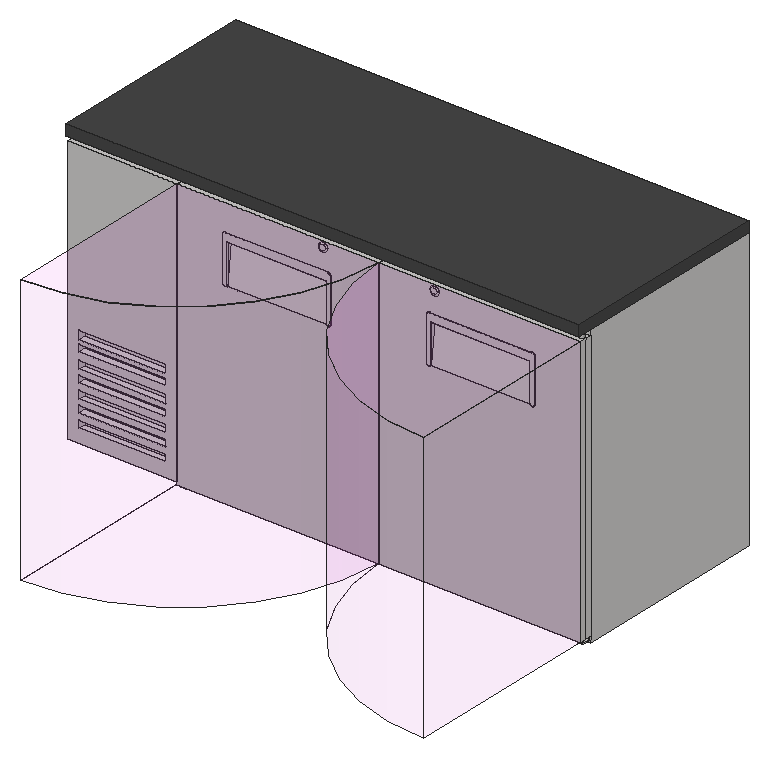
Revit family "QF_True_TBB24-60-2S-Z1-BST-S-1_Solid_Swing_Door_Back_Bar", category Specialty Equipment, Revit 2021
Family settings
  Round Connector Dimension = Use Diameter
  Part Type = Normal
  Work Plane-Based = No
  Always vertical = Yes
  Cut with Voids When Loaded = No
  Shared = No
  Room Calculation Point = No
Parameters
  Weight in Pounds = 345
  Watts = Volts * FL Amps  # 368 W
  Volts = 115 V
  URL Cutsheet = ""
  Specification by User = ""
  Specification by Manufacturer = ""
  Show Seismic Flanged [instance] = yes
  Show Door Clearance [instance] = yes
  Show Default [instance] = if(or([Show 2" Casters], [Show 3" Casters]), or(or([Show 4" Casters], [Show 5" Casters], [Show 6" Legs]), and([Show 2" Casters], [Show 3" Casters]), and([Show 3" Casters], Show Seismic Flanged)), if(or([Show 4" Casters], [Show 5" Casters]), or(or([Show 6" Legs], Show Seismic Flanged), and([Show 4" Casters], [Show 5" Casters])), if([Show 6" Legs], Show Seismic Flanged, not(Show Seismic Flanged))))  # yes
  Show 6" Legs [instance] = yes
  Show 5" Casters [instance] = yes
  Show 4" Casters [instance] = yes
  Show 3" Casters [instance] = yes
  Show 2" Casters [instance] = yes
  Serial Number = ""
  Seismic Rating = ""
  SMACNA No = ""
  Revision Code = ""
  Phase = 1
  Number of Poles = 1
  NAFEM Spec ID Number = ""
  Model = "TBB24-60-2S-Z1-BST-S-1"
  Min Ckt Ampacity = 0 A
  Max Overcurrent Protection = 0 A
  Masterspec = ""
  Manufacturer = "True"
  Length = 60 1/32"
  Item Number = ""
  Installed By = ""
  Identify Quantity as Lot = yes
  Height [instance] = Base Height + Body Height  # 34 3/16"
  HP = "1/4"
  Furnished By = ""
  Foodservice Equipment Identifier = yes
  FL Amps = 3.2 A
  Electrical Remarks = ""
  Electric Connection Type = ""
  Elec Conn RI Height = 0"
  Elec Conn Connection Height = 0"
  Door Finish [instance] = QF_Metal_Stainless_Polished
  Description = "Solid SwingDoor Back Bar 24\" Depth Single Zone Cooler with Black Sub Top and Stainless Exterior"
  Depth = 24 7/8"
  Default Elevation = 0"
  Cycle = 60 Hz
  Counter Top Finish [instance] = QF_Metallic_Paint_Black_Smooth
  Conn Plug = "NEMA 5-15P"
  Conn Conduit = yes
  CSI MasterFormat = ""
  Body Height [instance] = 34 3/16"
  Body Finish [instance] = QF_Metal_Stainless_Polished
  Base Height [instance] = if(Show Default, 0", if([Show 2" Casters], 2", if([Show 3" Casters], 3", if([Show 4" Casters], 4", if([Show 5" Casters], 5", if([Show 6" Legs], 6", if(Show Seismic Flanged, 6", 0")))))))  # 0"
  Apparent Power = 0 VA
Reference planes (in)
  plane 1 "BACK": y = 0
  plane 2: z = 0
  plane 3 "LEFT": x = 0
  plane 4 "RIGHT": x = 60.03125
  plane 5 "FRONT": y = -24.875
  plane 6 "TOP": z = 34.1875
  plane 7 "Center Y": x = 30.01563
  plane 8 "Center X": y = -12.4375
  plane 9: z = 0
Dimensions and locks (in)
  equal spacing: plane 3 "LEFT", plane 7 "Center Y", plane 4 "RIGHT"
  "Length": plane 3 "LEFT" to plane 4 "RIGHT"
  equal spacing: plane 5 "FRONT", plane 8 "Center X", plane 1 "BACK"
  "Depth": plane 5 "FRONT" to plane 1 "BACK"
  plane 6 "TOP" to level = 34 3/16"
  "Base Height": plane 9 to level
  "Body Height": plane 6 "TOP" to plane 9
  aligned and locked: level to plane 2
  aligned and locked: nested 1 to plane 9
Nested families (in)
  nested 1: "TBB24-60-2S-Z1-BST-B-1" at (0, 0, 0), Show Door Clearance <- "Show Door Clearance", Body Finish <- "Body Finish", Counter Top Finishes <- "Counter Top Finish", Door Finish <- "Door Finish", type "TBB24-60-2S-Z1-BST-B-1"
    with Show Door Clearance yes, Door Finish QF_Metal_Stainless_Polished, Counter Top Finishes QF_Metallic_Paint_Black_Smooth, Body Finish QF_Metal_Stainless_Polished
  nested 2: "Family3" at (2.5, -20.41792, 0), Show 2" Casters <- "Show 2" Casters", Show 3" Casters <- "Show 3" Casters", Show 4" Casters <- "Show 4" Casters", Show 5" Casters <- "Show 5" Casters", Show 6" Legs <- "Show 6" Legs", Show Seismic Flanged <- "Show Seismic Flanged", type "Family3"
    with Show Seismic Flanged yes, Show 6" Legs yes, Show 5" Casters yes, Show 4" Casters yes, Show 3" Casters yes, Show 2" Casters yes
  nested 3: "Family3" at (57.53125, -20.41792, 0), Show 2" Casters <- "Show 2" Casters", Show 3" Casters <- "Show 3" Casters", Show 4" Casters <- "Show 4" Casters", Show 5" Casters <- "Show 5" Casters", Show 6" Legs <- "Show 6" Legs", Show Seismic Flanged <- "Show Seismic Flanged", type "Family3"
    with Show Seismic Flanged yes, Show 6" Legs yes, Show 5" Casters yes, Show 4" Casters yes, Show 3" Casters yes, Show 2" Casters yes
  nested 4: "Family3" at (2.5, -2.91792, 0), Show 2" Casters <- "Show 2" Casters", Show 3" Casters <- "Show 3" Casters", Show 4" Casters <- "Show 4" Casters", Show 5" Casters <- "Show 5" Casters", Show 6" Legs <- "Show 6" Legs", Show Seismic Flanged <- "Show Seismic Flanged", type "Family3"
    with Show Seismic Flanged yes, Show 6" Legs yes, Show 5" Casters yes, Show 4" Casters yes, Show 3" Casters yes, Show 2" Casters yes
  nested 5: "Family3" at (57.53125, -2.91792, 0), Show 2" Casters <- "Show 2" Casters", Show 3" Casters <- "Show 3" Casters", Show 4" Casters <- "Show 4" Casters", Show 5" Casters <- "Show 5" Casters", Show 6" Legs <- "Show 6" Legs", Show Seismic Flanged <- "Show Seismic Flanged", type "Family3"
    with Show Seismic Flanged yes, Show 6" Legs yes, Show 5" Casters yes, Show 4" Casters yes, Show 3" Casters yes, Show 2" Casters yes
Connectors (in)
  electrical at (5.92159, 0.23047, 18.36709), driven by "Volts", driven by "Watts"
    settings: on nested 1, index 1, voltage 115 V, apparent load 368 VA, apparent load phase1 0 VA, apparent load phase2 0 VA, apparent load phase3 0 VA, power factor 1, load classification "Other", number of poles 1, system type 30, power factor state 1, is connector primary yes, connector utility no, sub classification motor no, connector description "ELECTRICAL CONNECTION"
Definition of nested family "TBB24-60-2S-Z1-BST-B-1"
  Parameters (values of type "TBB24-60-2S-Z1-BST-B-1")
    Weight in Pounds = 0
    URL Cutsheet = ""
    Specification by User = ""
    Specification by Manufacturer = ""
    Show Door Clearance [instance] = yes
    Serial Number = ""
    Seismic Rating = ""
    SMACNA No = ""
    Revision Code = ""
    NAFEM Spec ID Number = ""
    Masterspec = ""
    Length = 60 1/32"
    Item Number = ""
    Installed By = ""
    Identify Quantity as Lot = yes
    Height = 34 3/16"
    Furnished By = ""
    Foodservice Equipment Identifier = yes
    Door Finish [instance] = none
    Depth = 24 7/8"
    Default Elevation = 0"
    Counter Top Finishes [instance] = none
    CSI MasterFormat = ""
    Body Finish [instance] = none
  Reference planes (in)
    plane 1 "BACK": y = 0
    plane 2: z = 0
    plane 3 "LEFT": x = 0
    plane 4 "RIGHT": x = 60.03125
    plane 5 "FRONT": y = -24.875
    plane 6 "TOP": z = 34.1875
    plane 7 "Center Y": x = 30.01563
    plane 8 "Center X": y = -12.4375
    plane 9: y = -47.59375
    plane 10: z = 0.6875
    plane 11: z = 32.9375
    plane 12: z = 2.0625
    plane 13: y = -21.41792
    plane 14: z = 0.33506
    plane 15: z = 23.55589
    plane 16: x = 36.40899
    plane 17: x = 12.78399
  Forms (in)
    Extrusion 1, solid, material <- "Counter Top Finishes"
      sketch origin (0, 0, 0) x (1, 0, 0) y (0, 0, 1)
        loop
          line (0, 34.1875) -> (0, 32.9375) -> (60.03125, 32.9375) -> (60.03125, 34.1875) -> (0, 34.1875)
      from 0 to 24.875
    Extrusion 2, solid, material <- "Body Finish"
      sketch origin (0, 0, 0) x (0, 1, 0) y (0, 0, 1)
        loop
          line (0, 32.9375) -> (-23.09422, 32.9375) -> (-23.09422, 0) -> (0, 0) -> (0, 32.9375)
      from 0 to 60.03125
    Extrusion 3, solid, material <- "Door Finish"
      sketch origin (0, -23.09422, 35.99786) x (0, 0, 1) y (1, 0, 0)
        loop
          line (-3.72284, 18.35291) -> (-3.72284, 35.99891) -> (-35.31036, 35.99891) -> (-35.31036, 18.35291) -> (-3.72284, 18.35291)
        loop
          line (-4.22284, 19.79188) -> (-4.22284, 35.35291) -> (-33.93536, 35.35291) -> (-33.93536, 19.79188) -> (-4.22284, 19.79188)
      from 0 to -0.66955
    Extrusion 4, solid, material <- "Body Finish"
      sketch origin (0, -23.09422, 32.9375) x (0, 0, -1) y (1, 0, 0)
        loop
          line (0.66249, 0) -> (31.95758, 0) -> (31.95758, 12.78399) -> (0.66249, 12.78399) -> (0.66249, 0)
      from 0 to 1.50548
    Extrusion 5, void
      sketch origin (0, -24.5997, 32.9375) x (0, 0, 1) y (1, 0, 0)
        loop
          line (-20.06297, 1.27626) -> (-20.06297, 11.45734) -> (-21.06297, 11.45734) -> (-21.06297, 1.27626) -> (-20.06297, 1.27626)
        loop
          line (-21.51705, 1.27626) -> (-21.51705, 11.45734) -> (-22.34419, 11.45734) -> (-22.34419, 1.27626) -> (-21.51705, 1.27626)
        loop
          line (-23.18797, 1.27626) -> (-23.18797, 11.45734) -> (-24.18797, 11.45734) -> (-24.18797, 1.27626) -> (-23.18797, 1.27626)
        loop
          line (-24.76705, 1.27626) -> (-24.76705, 11.45734) -> (-25.59419, 11.45734) -> (-25.59419, 1.27626) -> (-24.76705, 1.27626)
        loop
          line (-26.31297, 1.27626) -> (-26.31297, 11.45734) -> (-27.31297, 11.45734) -> (-27.31297, 1.27626) -> (-26.31297, 1.27626)
        loop
          line (-27.89205, 1.27626) -> (-27.89205, 11.45734) -> (-28.71919, 11.45734) -> (-28.71919, 1.27626) -> (-27.89205, 1.27626)
        loop
          line (-29.51705, 1.27626) -> (-29.51705, 11.45734) -> (-30.34419, 11.45734) -> (-30.34419, 1.27626) -> (-29.51705, 1.27626)
      from 0 to 0.83594
    Extrusion 6, solid
      sketch origin (0, 0, 32.6875) x (0, 0, 1) y (1, 0, 0)
        loop
          arc (-12.59037, 11.27264) -> (-12.81004, 11.80298) -> (-13.34037, 12.02264) r 0.75
          line (-13.34037, 12.02264) -> (-31.375, 12.02264)
          arc (-31.375, 12.02264) -> (-31.90533, 11.80298) -> (-32.125, 11.27264) r 0.75
          line (-32.125, 11.27264) -> (-32.125, 0.75)
          arc (-32.125, 0.75) -> (-31.90533, 0.21967) -> (-31.375, 0) r 0.75
          line (-31.375, 0) -> (-13.34037, 0)
          arc (-13.34037, 0) -> (-12.81004, 0.21967) -> (-12.59037, 0.75) r 0.75
          line (-12.59037, 0.75) -> (-12.59037, 5.19897) -> (-12.14941, 5.19897)
          arc (-12.14941, 5.19897) -> (-11.39941, 5.94897) -> (-12.14941, 6.69897) r 0.75
          line (-12.14941, 6.69897) -> (-12.59037, 6.69897) -> (-12.59037, 11.27264)
      from 0 to 0.03125
    Extrusion 7, solid
      sketch origin (0, 0.03125, 32.6875) x (0, 0, 1) y (1, 0, 0)
        loop
          line (-11.64941, 5.94897) -> (-11.89941, 6.38198) -> (-12.39941, 6.38198) -> (-12.64941, 5.94897) -> (-12.39941, 5.51596) -> (-11.89941, 5.51596) -> (-11.64941, 5.94897)
      from 0 to 0.19922
    Extrusion 8, solid
      sketch origin (0, 0.03125, 32.6875) x (0, 0, 1) y (1, 0, 0)
        loop
          circle (-14.32041, 5.92159) r 0.5
      from 0 to 0.19922
    Blend 9, solid, material <- "Door Finish"
      base sketch origin (48.03125, -24.5997, 0.6875) x (-1, 0, 0) y (0, 0, 1)
        loop
          circle (18.15288, 30.93229) r 0.5
      top sketch origin (48.03125, -24.5997, 0.6875) x (-1, 0, 0) y (0, 0, 1)
        loop
          circle (18.15288, 30.93229) r 0.37406
      from 0 to -0.05551
    Extrusion 10, solid, material <- "Door Finish"
      sketch origin (59.99782, -23.09422, 35.99786) x (0, 0, 1) y (1, 0, 0)
        loop
          line (-3.72284, 0.03343) -> (-35.31036, 0.03343) -> (-35.31036, -23.99891) -> (-3.72284, -23.99891) -> (-3.72284, 0.03343)
        loop
          line (-4.22284, -1.79188) -> (-33.93536, -1.79188) -> (-33.93536, -23.35291) -> (-4.22284, -23.35291) -> (-4.22284, -1.79188)
      from 0 to -0.66955
    Extrusion 11, solid, material <- "Door Finish"
      sketch origin (59.99782, -23.09422, 35.99786) x (0, 0, 1) y (1, 0, 0)
        loop
          line (-3.72284, 0.03343) -> (-35.31036, 0.03343) -> (-35.31036, -23.58883) -> (-3.72284, -23.58883) -> (-3.72284, 0.03343)
      from -1.50548 to -0.66955
    Extrusion 12, solid, material <- "Door Finish"
      sketch origin (0, -23.09422, 35.99786) x (0, 0, 1) y (1, 0, 0)
        loop
          line (-3.72284, 12.78399) -> (-3.72284, 36.40899) -> (-35.31036, 36.40899) -> (-35.31036, 12.78399) -> (-3.72284, 12.78399)
      from -1.50548 to -0.66955
    Revolve 13, solid
      sketch origin (13.18501, -180, 0.6875) x (0, 0, -1) y (0, -1, 0)
        loop
          line (-31.58751, -156.24977) -> (-32.25, -156.24977) -> (-32.25, -156.74977) -> (-32.1201, -156.74977) -> (-32.1201, -156.49977) -> (-31.58751, -156.49977) -> (-31.58751, -156.24977)
        axis (-32.25, -156.24977) -> (-31.58751, -156.24977)
      angle from 0 to 360
    Extrusion 14, solid
      sketch origin (-7.1793, -180.46875, 0.33506) x (-1, 0, 0) y (0, -1, 0)
        loop
          line (-19.96329, -157.37453) -> (-19.96329, -156.39831)
          arc (-19.96329, -156.39831) -> (-20.00622, -156.29467) -> (-20.10986, -156.25173) r 0.14658
          line (-20.10986, -156.25173) -> (-20.51815, -156.25173)
          arc (-20.51815, -156.25173) -> (-20.6014, -156.26829) -> (-20.67197, -156.31545) r 0.21754
          line (-20.67197, -156.31545) -> (-21.51462, -157.1581)
          arc (-21.51462, -157.1581) -> (-21.5421, -157.29627) -> (-21.42497, -157.37453) r 0.12678
          line (-21.42497, -157.37453) -> (-19.96329, -157.37453)
        loop
          line (-67.21055, -157.37453) -> (-65.74886, -157.37453)
          arc (-65.74886, -157.37453) -> (-65.63173, -157.29627) -> (-65.65921, -157.1581) r 0.12678
          line (-65.65921, -157.1581) -> (-66.50186, -156.31545)
          arc (-66.50186, -156.31545) -> (-66.57244, -156.26829) -> (-66.65568, -156.25173) r 0.21754
          line (-66.65568, -156.25173) -> (-67.06397, -156.25173)
          arc (-67.06397, -156.25173) -> (-67.16761, -156.29467) -> (-67.21055, -156.39831) r 0.14658
          line (-67.21055, -156.39831) -> (-67.21055, -157.37453)
      from 0 to 0.0625
    Extrusion 15, solid
      sketch origin (0, -23.09422, 32.9375) x (0, 0, -1) y (1, 0, 0)
        loop
          line (32.60244, 12.78399) -> (32.60244, 14.37246) -> (32.25, 14.37246) -> (32.25, 12.78399) -> (32.60244, 12.78399)
        loop
          line (32.60244, 60.03125) -> (32.25, 60.03125) -> (32.25, 58.44278) -> (32.60244, 58.44278) -> (32.60244, 60.03125)
      from 0 to 0.0625
    Revolve 16, solid
      sketch origin (13.18409, -180.05443, 0.39756) x (0, 0, 1) y (0, 1, 0)
        loop
          line (0.28994, 156.29571) -> (0.28994, 156.48985) -> (0, 156.48985) -> (0, 156.29571) -> (0.28994, 156.29571)
        axis (0.28994, 156.29571) -> (0, 156.29571)
      angle from 0 to 360
    Extrusion 17, solid, material <- "Door Finish"
      sketch origin (0, -24.5997, 35.99786) x (0, 0, -1) y (1, 0, 0)
        loop
          arc (7.19767, 54.72425) -> (6.92975, 54.61327) -> (6.81877, 54.34534) r 0.37891
          line (6.81877, 54.34534) -> (6.81877, 42.41493)
          arc (6.81877, 42.41493) -> (6.92953, 42.14751) -> (7.19695, 42.03675) r 0.37818
          line (7.19695, 42.03675) -> (12.19377, 42.03675)
          arc (12.19377, 42.03675) -> (12.44197, 42.28495) -> (12.19377, 42.53315) r 0.2482
          line (12.19377, 42.53315) -> (8.12997, 42.53315)
          arc (8.12997, 42.53315) -> (7.86204, 42.64413) -> (7.75107, 42.91206) r 0.37891
          line (7.75107, 42.91206) -> (7.75107, 53.78643)
          arc (7.75107, 53.78643) -> (7.86204, 54.05436) -> (8.12997, 54.16534) r 0.37891
          line (8.12997, 54.16534) -> (12.16252, 54.16534)
          arc (12.16252, 54.16534) -> (12.44197, 54.44479) -> (12.16252, 54.72425) r 0.27945
          line (12.16252, 54.72425) -> (7.19767, 54.72425)
        loop
          line (7.19767, 18.09374) -> (12.16252, 18.09374)
          arc (12.16252, 18.09374) -> (12.44197, 18.37319) -> (12.16252, 18.65264) r 0.27945
          line (12.16252, 18.65264) -> (8.12997, 18.65264)
          arc (8.12997, 18.65264) -> (7.86204, 18.76362) -> (7.75107, 19.03155) r 0.37891
          line (7.75107, 19.03155) -> (7.75107, 29.90593)
          arc (7.75107, 29.90593) -> (7.86204, 30.17385) -> (8.12997, 30.28483) r 0.37891
          line (8.12997, 30.28483) -> (12.19377, 30.28483)
          arc (12.19377, 30.28483) -> (12.44197, 30.53304) -> (12.19377, 30.78124) r 0.2482
          line (12.19377, 30.78124) -> (7.19695, 30.78124)
          arc (7.19695, 30.78124) -> (6.92953, 30.67047) -> (6.81877, 30.40306) r 0.37818
          line (6.81877, 30.40306) -> (6.81877, 18.47264)
          arc (6.81877, 18.47264) -> (6.92975, 18.20472) -> (7.19767, 18.09374) r 0.37891
      from 0 to 0.03125
    Extrusion 18, void
      sketch origin (15.67364, -24.5997, 27.86788) x (0, 0, 1) y (0, 1, 0)
        loop
          line (0.37891, -0.24253) -> (0.37891, 0.5) -> (-4.312, 0) -> (-4.312, -0.24253) -> (0.37891, -0.24253)
      from -2.979 to -14.61119
    Extrusion 19, void
      sketch origin (42.53315, -24.5997, 27.86788) x (0, 0, 1) y (0, 1, 0)
        loop
          line (0.37891, -0.24253) -> (0.37891, 0.5) -> (-4.312, 0) -> (-4.312, -0.24253) -> (0.37891, -0.24253)
      from 0 to -11.63219
    Revolve 20, solid
      sketch origin (59.50249, -180, 0.6875) x (0, 0, -1) y (0, 1, 0)
        loop
          line (-31.58751, 156.24977) -> (-31.58751, 156.49977) -> (-32.1201, 156.49977) -> (-32.1201, 156.74977) -> (-32.25, 156.74977) -> (-32.25, 156.24977) -> (-31.58751, 156.24977)
        axis (-32.25, 156.24977) -> (-31.58751, 156.24977)
      angle from 0 to 360
    Revolve 21, solid
      sketch origin (59.50341, -180.05443, 0.39756) x (0, 0, 1) y (0, -1, 0)
        loop
          line (0.28994, -156.29571) -> (0, -156.29571) -> (0, -156.48985) -> (0.28994, -156.48985) -> (0.28994, -156.29571)
        axis (0.28994, -156.29571) -> (0, -156.29571)
      angle from 0 to 360
    Blend 22, solid, material <- "Door Finish"
      base sketch origin (24.78673, -24.5997, 0.6875) x (1, 0, 0) y (0, 0, -1)
        loop
          circle (18.15288, -30.93229) r 0.5
      top sketch origin (24.78673, -24.5997, 0.6875) x (1, 0, 0) y (0, 0, -1)
        loop
          circle (18.15288, -30.93229) r 0.37406
      from 0 to -0.05551
    Extrusion 23, solid, visible <- "Show Door Clearance"
      sketch origin (35.99891, -23.09422, 0.6875) x (0, -1, 0) y (-1, 0, 0)
        loop
          arc (1.50548, -0.40165) -> (17.80154, 6.73411) -> (24.49953, 23.21492) r 23.625
          line (24.49953, 23.21492) -> (1.50548, 23.21492) -> (1.50548, -0.40165)
      from 0 to -31.58751
    Extrusion 24, solid, visible <- "Show Door Clearance"
      sketch origin (35.99891, -23.09422, 0.6875) x (0, -1, 0) y (-1, 0, 0)
        loop
          line (1.50548, -0.41851) -> (1.50548, -24.03508) -> (24.49953, -24.03508)
          arc (24.49953, -24.03508) -> (17.80154, -7.55427) -> (1.50548, -0.41851) r 23.625
      from 0 to -31.58751
  Cuts and joins
    Extrusion 5 cuts Extrusion 2
    Extrusion 5, Extrusion 18 cuts Extrusion 4
    joined: Extrusion 14, Extrusion 15
    Extrusion 18, Extrusion 19 cuts Extrusion 12
    Extrusion 18, Extrusion 19 cuts Extrusion 17
    Extrusion 18, Extrusion 19 cuts Extrusion 11
    Extrusion 18 cuts Extrusion 10
  Lines and regions (in)
    Split face 1
      outline origin (0, 0.03125, 32.6875) x (0, 0, 1) y (1, 0, 0)
        loop
          line (-15.04167, 10.7061) -> (-29.59231, 10.7061) -> (-29.59231, 0.9561) -> (-15.04167, 0.9561) -> (-15.04167, 10.7061)
    Split face 2
      outline origin (60.03125, 0, 0) x (-1, 0, 0) y (0, 0, 1)
        loop
          line (48.03125, 32.9375) -> (48.03125, 0)
        loop
          line (45.65625, 0) -> (45.65625, 32.9375)
        loop
          line (2.75, 32.9375) -> (2.75, 0)
    Split face 3
      outline origin (0, -24.5997, 32.27501) x (-1, 0, 0) y (0, 0, -1)
        loop
          line (-2.26866, 1.36126) -> (-2.26866, 2.86126) -> (-10.19974, 2.86126) -> (-10.19974, 1.36126) -> (-2.26866, 1.36126)
    symbolic lines
      curve 1: line (60.03125, 0, 0) -> (0, 0, 0)
      curve 2: line (0, 0, 0) -> (0, -24.875, 0)
      curve 3: line (0, -24.875, 0) -> (60.03125, -24.875, 0)
      curve 4: line (60.03125, -24.875, 0) -> (60.03125, 0, 0)
    symbolic lines, visible <- "Show Door Clearance"
      curve 5: arc (36.3916, -24.875, 0) -> (35.37053, -30.89617, 0) -> (32.84013, -36.45442, 0) r 23.625
      curve 6: arc (39.97713, -36.45325, 0) -> (37.44726, -30.89551, 0) -> (36.42638, -24.875, 0) r 23.625
      curve 7: line (12.78399, -24.875, 0) -> (32.84013, -36.45442, 0)
      curve 8: line (60.03125, -24.875, 0) -> (39.97713, -36.45325, 0)
  Dimensions and locks (in)
    equal spacing: plane 3 "LEFT", plane 7 "Center Y", plane 4 "RIGHT"
    "Length": plane 3 "LEFT" to plane 4 "RIGHT"
    equal spacing: plane 5 "FRONT", plane 8 "Center X", plane 1 "BACK"
    "Depth": plane 5 "FRONT" to plane 1 "BACK"
    "Height": plane 6 "TOP" to level
    plane 1 "BACK" to plane 9 = 47 19/32"
    plane 10 to level = 11/16"
    plane 5 "FRONT" to plane 1 "BACK" = 24 7/8"
    plane 9 to plane 1 "BACK" = 47 19/32"
    plane 6 "TOP" to plane 11 = 1 1/4"
    plane 5 "FRONT" to plane 9 = 22 23/32"
    aligned and locked: level to plane 2
  Automatic sketch dimensions
    Extrusion 1 sketch curve to plane 3 "LEFT" = 0"
    plane 4 "RIGHT" to Extrusion 1 sketch curve = 0"
    Extrusion 1 sketch curve to plane 11 = 0"
    Extrusion 1 sketch curve to plane 6 "TOP" = 0"
    plane 11 to Extrusion 2 sketch curve = 0"
    Extrusion 2 sketch curve to level = 0"
    Extrusion 2 sketch curve to plane 1 "BACK" = 0"
    Extrusion 2 sketch curve to plane 13 = 1.6763"
    Extrusion 3 sketch curve to plane 10 = 0"
    Extrusion 3 sketch curve to plane 12 = 0"
    plane 11 to Extrusion 3 sketch curve = 1.16249"
    plane 11 to Extrusion 3 sketch curve = 0.66249"
    Extrusion 3 sketch curve to plane 17 = 5.56892"
    Extrusion 3 sketch curve to Extrusion 3 sketch curve = 1.43897"
    plane 16 to Extrusion 3 sketch curve = 1.05608"
    plane 16 to Extrusion 3 sketch curve = 0.41008"
    Extrusion 4 sketch curve to Extrusion 2 = 0"
    Extrusion 4 sketch curve to Extrusion 2 = 0.66249"
    Extrusion 4 sketch curve to Extrusion 2 = 0.97992"
    Extrusion 2 to Extrusion 4 sketch curve = 12.78399"
    Extrusion 4 to Extrusion 5 sketch curve = 1.61339"
    Extrusion 5 sketch curve to Extrusion 5 sketch curve = 0.82714"  (x4)
    Extrusion 5 sketch curve to Extrusion 5 sketch curve = 0.79786"
    Extrusion 5 sketch curve to Extrusion 5 sketch curve = 0.57908"  (x2)
    Extrusion 5 sketch curve to Extrusion 5 sketch curve = 1"  (x3)
    Extrusion 5 sketch curve to Extrusion 5 sketch curve = 0.71878"
    Extrusion 5 sketch curve to Extrusion 5 sketch curve = 0.84378"
    Extrusion 5 sketch curve to Extrusion 5 sketch curve = 0.45408"
    Extrusion 4 to Extrusion 5 sketch curve = 1.27626"  (x2)
    Extrusion 5 sketch curve to Extrusion 5 sketch curve = 0"  (x11)
    Extrusion 4 to Extrusion 5 sketch curve = 1.32665"
    Extrusion 6 sketch curve to Extrusion 2 = 0"
    Extrusion 2 to Extrusion 6 sketch curve = 9/16"
    Extrusion 6 sketch curve to Extrusion 6 sketch curve = 3/4"  (x3)
    Extrusion 6 sketch curve to Extrusion 2 = 13.59037"
    Extrusion 2 to Extrusion 6 sketch curve = 3/4"
    Extrusion 6 sketch curve to Extrusion 6 sketch curve = 0"  (x2)
    Extrusion 6 sketch curve to Extrusion 6 sketch curve = 0.44096"
    Extrusion 6 sketch curve to Extrusion 6 sketch curve = 4.44897"
    Extrusion 6 sketch curve to Extrusion 6 sketch curve = 10.52264"
    Split face 1 sketch curve to Extrusion 6 = 2.53269"
    Split face 1 sketch curve to Extrusion 6 = 2.4513"
    Split face 1 sketch curve to Extrusion 6 = 0.9561"
    Split face 1 sketch curve to Extrusion 6 = 1.31655"
    Extrusion 7 sketch curve to Extrusion 6 = 0.05904"
    Extrusion 6 to Extrusion 7 sketch curve = 0.19096"  (x2)
    Extrusion 7 sketch curve to Extrusion 6 = 0.31699"  (x2)
    Extrusion 7 sketch curve to Extrusion 7 sketch curve = 1/2"  (x2)
    Extrusion 7 sketch curve to Extrusion 7 sketch curve = 1/4"
    Extrusion 7 sketch curve to Extrusion 7 sketch curve = 0.43301"  (x2)
    Extrusion 8 sketch curve to Extrusion 6 = 0.72262"
    Extrusion 8 sketch curve to Extrusion 6 = 1.73005"
    Split face 2 sketch curve to cut or joined group of Extrusion 2, Extrusion 5 = 0"  (x6)
    Split face 2 sketch curve to cut or joined group of Extrusion 2, Extrusion 5 = 2 3/4"
    Split face 2 sketch curve to cut or joined group of Extrusion 2, Extrusion 5 = 14 3/8"
    Split face 2 sketch curve to Split face 2 sketch curve = 2 3/8"
    Blend 9 sketch curve to plane 7 "Center Y" = 0.13726"  (x2)
    plane 11 to Blend 9 sketch curve = 1.31771"  (x2)
    Split face 3 sketch curve to cut or joined group of Extrusion 4, Extrusion 5, Extrusion 18 = 1.2576"
    Split face 3 sketch curve to cut or joined group of Extrusion 4, Extrusion 5, Extrusion 18 = 0.9924"
    Split face 3 sketch curve to cut or joined group of Extrusion 4, Extrusion 5, Extrusion 18 = 1.36126"
    Split face 3 sketch curve to Split face 3 sketch curve = 1 1/2"
    plane 4 "RIGHT" to Extrusion 10 sketch curve = 0"
    Extrusion 10 sketch curve to plane 10 = 0"
    Extrusion 10 sketch curve to plane 12 = 0"
    Extrusion 10 sketch curve to plane 16 = 0.23592"
    plane 11 to Extrusion 10 sketch curve = 1.16249"
    plane 11 to Extrusion 10 sketch curve = 0.66249"
    plane 16 to Extrusion 10 sketch curve = 0.41008"
    plane 4 "RIGHT" to Extrusion 10 sketch curve = 1.82531"
    plane 4 "RIGHT" to Extrusion 11 sketch curve = 0"
    Extrusion 11 sketch curve to plane 10 = 0"
    Extrusion 11 sketch curve to plane 16 = 0"
    plane 11 to Extrusion 11 sketch curve = 0.66249"
    Extrusion 12 sketch curve to plane 10 = 0"
    Extrusion 12 sketch curve to plane 17 = 0"
    Extrusion 12 sketch curve to plane 16 = 0"
    plane 11 to Extrusion 12 sketch curve = 0.66249"
    plane 11 to Revolve 13 sketch curve = 0"  (x2)
    plane 11 to Revolve 13 sketch curve = 0.1299"  (x2)
    Revolve 13 sketch curve to Revolve 13 sketch curve = 0.53259"
    Revolve 13 sketch curve to plane 5 "FRONT" = 1.62477"
    Revolve 13 sketch curve to Revolve 13 sketch curve = 1/4"  (x2)
    Revolve 13 sketch curve to Revolve 13 sketch curve = 0"
    Extrusion 14 sketch curve to plane 4 "RIGHT" = 0"
    Extrusion 14 sketch curve to plane 17 = 0"
    plane 4 "RIGHT" to Extrusion 14 sketch curve = 0.14658"
    Extrusion 14 sketch curve to Extrusion 14 sketch curve = 0.40828"
    Extrusion 14 sketch curve to Extrusion 14 sketch curve = 0.15382"  (x2)
    Extrusion 14 sketch curve to Extrusion 14 sketch curve = 0.90682"
    Extrusion 14 sketch curve to Extrusion 14 sketch curve = 0.08965"  (x2)
    Extrusion 14 sketch curve to plane 17 = 1.55133"
    Extrusion 14 sketch curve to plane 17 = 0.70868"
    Extrusion 14 sketch curve to plane 17 = 0.14658"
    Extrusion 14 sketch curve to plane 13 = 1.6763"  (x2)
    Extrusion 14 sketch curve to Extrusion 14 sketch curve = 0.12678"  (x2)
    Extrusion 14 sketch curve to plane 5 "FRONT" = 0.87552"  (x2)
    Extrusion 14 sketch curve to Extrusion 14 sketch curve = 0.07096"  (x2)
    Extrusion 2 to Extrusion 15 sketch curve = 0"
    Extrusion 15 sketch curve to Extrusion 2 = 11/16"  (x2)
    Extrusion 15 sketch curve to Extrusion 2 = 0.33506"  (x2)
    Extrusion 2 to Extrusion 15 sketch curve = 1.58847"
    Extrusion 2 to Extrusion 15 sketch curve = 14.37246"
    Extrusion 15 sketch curve to Extrusion 15 sketch curve = 1.58847"
    Revolve 16 sketch curve to plane 10 = 0"  (x2)
    plane 14 to Revolve 16 sketch curve = 1/16"
    Revolve 16 sketch curve to plane 5 "FRONT" = 1.11628"
    Revolve 16 sketch curve to Revolve 16 sketch curve = 0.19414"
    Revolve 16 sketch curve to Revolve 16 sketch curve = 0.14497"
    Revolve 16 sketch curve to Revolve 16 sketch curve = 0"
    Extrusion 17 sketch curve to Extrusion 12 = 3.09593"  (x2)
    Extrusion 17 sketch curve to Extrusion 17 sketch curve = 0.37818"  (x2)
    Extrusion 17 sketch curve to Extrusion 17 sketch curve = 97/256"  (x6)
    Extrusion 17 sketch curve to Extrusion 17 sketch curve = 0.55339"  (x2)
    Extrusion 17 sketch curve to Extrusion 17 sketch curve = 4.03255"  (x2)
    Extrusion 17 sketch curve to Extrusion 17 sketch curve = 4.0638"  (x2)
    Extrusion 17 sketch curve to Extrusion 12 = 5.30975"
    Extrusion 17 sketch curve to Extrusion 17 sketch curve = 0.27945"
    Extrusion 17 sketch curve to Extrusion 12 = 6.50306"
    Extrusion 17 sketch curve to Extrusion 17 sketch curve = 0.49713"
    Extrusion 12 to Extrusion 17 sketch curve = 5.62775"
    Extrusion 17 sketch curve to Extrusion 17 sketch curve = 0.2482"
    Extrusion 17 sketch curve to Extrusion 17 sketch curve = 10.87438"
    Extrusion 17 sketch curve to Extrusion 17 sketch curve = 0.5589"
    Extrusion 18 sketch curve to plane 15 = 0"
    Extrusion 18 sketch curve to plane 5 "FRONT" = 0.03277"
    plane 11 to Extrusion 18 sketch curve = 4.69071"
    Extrusion 18 sketch curve to Extrusion 18 sketch curve = 0.24253"
    Extrusion 18 sketch curve to Extrusion 18 sketch curve = 0.74253"
    Extrusion 19 sketch curve to Extrusion 17 = 0"
    Extrusion 17 to Extrusion 19 sketch curve = 0.2482"
    Extrusion 19 sketch curve to Extrusion 17 = 97/256"
    Extrusion 17 to Extrusion 19 sketch curve = 0.21128"
    Extrusion 17 to Extrusion 19 sketch curve = 1/2"
    plane 11 to Revolve 20 sketch curve = 0"  (x2)
    plane 11 to Revolve 20 sketch curve = 0.1299"  (x2)
    Revolve 20 sketch curve to Revolve 20 sketch curve = 0.53259"
    Revolve 20 sketch curve to plane 5 "FRONT" = 1.12477"
    Revolve 20 sketch curve to Revolve 20 sketch curve = 1/4"  (x2)
    Revolve 20 sketch curve to Revolve 20 sketch curve = 0"
    Revolve 21 sketch curve to plane 10 = 0"  (x2)
    plane 14 to Revolve 21 sketch curve = 1/16"
    Revolve 21 sketch curve to plane 5 "FRONT" = 1.31042"
    Revolve 21 sketch curve to Revolve 21 sketch curve = 0.19414"
    Revolve 21 sketch curve to plane 10 = 0.14497"
    Revolve 21 sketch curve to Revolve 21 sketch curve = 0"
    plane 11 to Blend 22 sketch curve = 1.31771"  (x2)
    Blend 22 sketch curve to plane 16 = 6.53062"  (x2)
    Extrusion 23 sketch curve to Extrusion 11 = 0"
    Extrusion 23 sketch curve to Extrusion 11 = 0.20499"
    Extrusion 11 to Extrusion 23 sketch curve = 22.99405"
    Extrusion 23 sketch curve to Extrusion 11 = 23 5/8"
    Extrusion 11 to Extrusion 24 sketch curve = 0"
    Extrusion 11 to Extrusion 24 sketch curve = 0.00274"
    Extrusion 24 sketch curve to Extrusion 11 = 0.20499"
    Extrusion 11 to Extrusion 24 sketch curve = 22.99405"
    plane 1 "BACK" to curve 1 = 0"
    curve 1 to plane 3 "LEFT" = 0"
    plane 5 "FRONT" to curve 7 = 0"
    curve 7 to plane 17 = 0"
    curve 5 to plane 17 = 0"
    curve 4 to plane 4 "RIGHT" = 0"
    plane 7 "Center Y" to curve 7 = 2.82451"
    curve 8 to plane 16 = 3.56814"
    curve 6 to plane 4 "RIGHT" = 0.00274"
    plane 9 to curve 8 = 11.1405"
    curve 7 to curve 6 = 0.00116"
    curve 5 to plane 5 "FRONT" = 29/32"
    curve 6 to plane 5 "FRONT" = 29/32"
    radius of Extrusion 8 sketch curve = 1/2"
    radius of Blend 9 sketch curve = 1/2"
    radius of Blend 9 sketch curve = 0.37406"
    radius of Blend 22 sketch curve = 1/2"
    radius of Blend 22 sketch curve = 0.37406"
Definition of nested family "Family3"
  Parameters (values of type "Family3")
    Weight in Pounds = 0
    URL Cutsheet = ""
    Specification by User = ""
    Specification by Manufacturer = ""
    Show Seismic Flanged [instance] = yes
    Show 6" Legs [instance] = yes
    Show 5" Casters [instance] = yes
    Show 4" Casters [instance] = yes
    Show 3" Casters [instance] = yes
    Show 2" Casters [instance] = yes
    Serial Number = ""
    Seismic Rating = ""
    SMACNA No = ""
    Revision Code = ""
    NAFEM Spec ID Number = ""
    Masterspec = ""
    Length = 0"
    Item Number = ""
    Installed By = ""
    Identify Quantity as Lot = yes
    Height = 0"
    Furnished By = ""
    Foodservice Equipment Identifier = yes
    Depth = 0"
    Default Elevation = 0"
    CSI MasterFormat = ""
  Reference planes (in)
    plane 1 "BACK": y = 0
    plane 2: z = 0
    plane 3 "LEFT": x = 0
    plane 4 "RIGHT": x = 0
    plane 5 "FRONT": y = 0
    plane 6 "TOP": z = 0
    plane 7 "Center Y": x = 0
    plane 8 "Center X": y = 0
  Dimensions and locks (in)
    equal spacing: plane 3 "LEFT", plane 7 "Center Y", plane 4 "RIGHT"
    "Length": plane 3 "LEFT" to plane 4 "RIGHT"
    equal spacing: plane 5 "FRONT", plane 8 "Center X", plane 1 "BACK"
    "Depth": plane 5 "FRONT" to plane 1 "BACK"
    "Height": plane 6 "TOP" to level
    aligned and locked: level to plane 2
  Nested families (in)
    nested 1: "2 INCHES_CASTER" at (0, 0, 0), 2 Inches Caster <- "Show 2" Casters", type "2 INCHES_CASTER"
      with Type Mark "", Specification by User "", Revision Code "", Item Number "", Installed By "", Identify Quantity as Lot yes, Furnished By "", Foodservice Equipment Identifier yes, 2 Inches Caster yes
    nested 2: "3 INCHES 01_CASTER" at (0, 0, 0), 3 Inches Caster <- "Show 3" Casters", type "3 INCHES 01_CASTER"
      with Type Mark "", Specification by User "", Revision Code "", Item Number "", Installed By "", Identify Quantity as Lot yes, Furnished By "", Foodservice Equipment Identifier yes, 3 Inches Caster yes
    nested 3: "4 INCHES_CASTER" at (0, 0, 0), Show 4 Inches Casters <- "Show 4" Casters", type "4 INCHES_CASTER"
      with Type Mark "", Specification by User "", Show 4 Inches Casters yes, Revision Code "", Item Number "", Installed By "", Identify Quantity as Lot yes, Furnished By "", Foodservice Equipment Identifier yes
    nested 4: "5 INCHES 01_CASTER 2" at (0, 0, 0), Show 5" Casters <- "Show 5" Casters", type "5 INCHES 01_CASTER 2"
      with Type Mark "", Specification by User "", Show 5" Casters yes, Revision Code "", Key Locks no, Item Number "", Installed By "", Identify Quantity as Lot yes, Furnished By "", Foodservice Equipment Identifier yes
    nested 5: "6 INCHES LEGS" at (0, 0, 0), Show 6" Legs <- "Show 6" Legs", type "6 INCHES LEGS"
      with Type Mark "", Status "", Specification by User "", Show Seismic Flanged no, Show 6" Legs yes, Revision Code "", Item Number "", Installed By "", Identify Quantity as Lot yes, Furnished By "", Foodservice Equipment Identifier yes
    nested 6: "6 INCHES LEGS WITH FLANGED" at (0, 0, 0), visible <- "Show Seismic Flanged", Show 6" Seismic Flanged <- "Show Seismic Flanged", type "6 INCHES LEGS WITH FLANGED"
      with Type Mark "", Status "", Specification by User "", Revision Code "", Item Number "", Installed By "", Identify Quantity as Lot yes, Furnished By "", Foodservice Equipment Identifier yes
  Definition of nested family "2 INCHES_CASTER"
    Parameters (values of type "2 INCHES_CASTER")
      Weight = ""
      URL Manufacturer = ""
      URL Cutsheet = ""
      URL = ""
      Type Mark [instance] = ""
      Specification by User [instance] = ""
      Specification by Manufacturer = ""
      Serial Number = ""
      Seismic Rating = ""
      SMACNA No = ""
      Revision Code [instance] = ""
      Omniclass Number and Title = ""
      NAFEM Spec ID Number = ""
      Model = ""
      MasterSpec. = ""
      Manufacturer = ""
      Item Number [instance] = ""
      Installed By [instance] = ""
      Identify Quantity as Lot [instance] = yes
      Furnished By [instance] = ""
      Foodservice Equipment Identifier [instance] = yes
      Description = ""
      Default Elevation = 0"
      CSI MasterFormat = ""
      CSI Master Format = ""
      Assembly Code = ""
      2 Inches Caster [instance] = yes
    Reference planes (in)
      plane 1: z = 0
      plane 2 "RIGHT": x = 0
      plane 3 "FRONT": y = 0
      plane 4 "TOP": z = 2
    Forms (in)
      Revolve 1, solid, visible <- "2 Inches Caster"
        sketch origin (-1.93794, 0.46818, -1.0041) x (1, 0, 0) y (0, 0, 1)
          loop
            line (0.74055, 1.86347) -> (0.74055, 1.78797) -> (0.79055, 1.73797) -> (0.85055, 1.73797) -> (0.85055, 1.6179) -> (1.235, 1.6179) -> (1.235, 1.55055) -> (1.38673, 1.46295) -> (1.4003, 1.3791) -> (1.34375, 1.3791) -> (1.34375, 1.2541) -> (1.375, 1.2541) -> (1.375, 1.0041) -> (2.48438, 1.0041) -> (2.48438, 1.2541) -> (2.51563, 1.2541) -> (2.51563, 1.3791) -> (2.45908, 1.3791) -> (2.47322, 1.46647) -> (2.62438, 1.55374) -> (2.62438, 1.6179) -> (3.04007, 1.6179) -> (3.04007, 1.73797) -> (3.10007, 1.73797) -> (3.15007, 1.78797) -> (3.15007, 1.86347) -> (0.74055, 1.86347)
          axis (0.74055, 1.86347) -> (3.15007, 1.86347)
        angle from 0 to 360
      Extrusion 2, solid, visible <- "2 Inches Caster"
        sketch origin (-1.93794, 1.43296, -3.41527) x (0, 1, 0) y (0, 0, 1)
          loop
            line (-0.64294, 5.3791) -> (-2.21294, 5.3791) -> (-2.21294, 5.24769) -> (-1.37414, 5.24769)
            arc (-1.37414, 5.24769) -> (-0.62115, 5.15851) -> (0.05138, 4.80832) r 2.10495
            line (0.05138, 4.80832) -> (0.12713, 4.91318)
            arc (0.12713, 4.91318) -> (-0.07255, 5.06376) -> (-0.29048, 5.18644) r 1.8753
            line (-0.29048, 5.18644) -> (-0.22239, 5.30423)
            arc (-0.22239, 5.30423) -> (-0.42936, 5.36024) -> (-0.64294, 5.3791) r 1.21859
        from 1.17357 to 2.70231
      Revolve 3, solid, visible <- "2 Inches Caster"
        sketch origin (0, 1.73858, -3.75) x (0, 1, 0) y (0, 0, 1)
          loop
            line (-1.73858, 5.71382) -> (-1.05793, 5.71382) -> (-1.05793, 5.75) -> (-1.73858, 5.75) -> (-1.73858, 5.71382)
          axis (-1.73858, 5.71382) -> (-1.73858, 5.75319)
        angle from 0 to 360
      Extrusion 4, solid, visible <- "2 Inches Caster"
        sketch origin (-1.98481, 1.43296, -1.7541) x (0, 1, 0) y (0, 0, 1)
          loop
            line (-2.21294, 3.71792) -> (-2.21294, 3.58652) -> (-1.94904, 3.58652)
            arc (-1.94904, 3.58652) -> (-1.56115, 3.28048) -> (-1.39241, 2.81612) r 0.90292
            arc (-1.39241, 2.81612) -> (-1.36136, 2.62044) -> (-1.29729, 2.43295) r 1.15385
            arc (-1.29729, 2.43295) -> (-0.94802, 2.21237) -> (-0.6121, 2.45278) r 0.37001
            arc (-0.6121, 2.45278) -> (-0.59625, 2.50123) -> (-0.58446, 2.55082) r 0.61695
            arc (-0.58446, 2.55082) -> (-0.36134, 2.95548) -> (0.05609, 3.15367) r 0.75313
            line (0.05609, 3.15367) -> (0.12713, 3.252)
            arc (0.12713, 3.252) -> (-0.07255, 3.40259) -> (-0.29048, 3.52526) r 1.8753
            line (-0.29048, 3.52526) -> (-0.22239, 3.64306)
            arc (-0.22239, 3.64306) -> (-0.42936, 3.69906) -> (-0.64294, 3.71792) r 1.21859
            line (-0.64294, 3.71792) -> (-2.21294, 3.71792)
        from 2.74918 to 2.90825
      Extrusion 5, solid, visible <- "2 Inches Caster"
        sketch origin (1.98481, 1.43296, -1.7541) x (0, 1, 0) y (0, 0, -1)
          loop
            arc (-0.58446, -2.55082) -> (-0.59625, -2.50123) -> (-0.6121, -2.45278) r 0.61695
            arc (-0.6121, -2.45278) -> (-0.94802, -2.21237) -> (-1.29729, -2.43295) r 0.37001
            arc (-1.29729, -2.43295) -> (-1.36136, -2.62044) -> (-1.39241, -2.81612) r 1.15385
            arc (-1.39241, -2.81612) -> (-1.56115, -3.28048) -> (-1.94904, -3.58652) r 0.90292
            line (-1.94904, -3.58652) -> (-2.21294, -3.58652) -> (-2.21294, -3.71792) -> (-0.64294, -3.71792)
            arc (-0.64294, -3.71792) -> (-0.42936, -3.69906) -> (-0.22239, -3.64306) r 1.21859
            line (-0.22239, -3.64306) -> (-0.29048, -3.52526)
            arc (-0.29048, -3.52526) -> (-0.07255, -3.40259) -> (0.12713, -3.252) r 1.8753
            line (0.12713, -3.252) -> (0.05609, -3.15367)
            arc (0.05609, -3.15367) -> (-0.36134, -2.95548) -> (-0.58446, -2.55082) r 0.75313
        from 2.74918 to 2.90825
    Cuts and joins
      joined: Revolve 1, Extrusion 4, Extrusion 5
    Lines and regions (in)
      symbolic lines, visible <- "2 Inches Caster"
        curve 1: line (0.10651, 1.59133, 0) -> (0.80944, 1.1855, 0)
        curve 2: line (-0.89349, -0.14072, 0) -> (0.10651, 1.59133, 0)
        curve 3: line (-0.19056, -0.54656, 0) -> (-0.89349, -0.14072, 0)
        curve 4: line (0.80944, 1.1855, 0) -> (-0.19056, -0.54656, 0)
    Dimensions and locks (in)
      plane 4 "TOP" to level = 2"  (x2)
      aligned and locked: level to plane 1
  Definition of nested family "3 INCHES 01_CASTER"
    Parameters (values of type "3 INCHES 01_CASTER")
      Weight = ""
      URL Manufacturer = ""
      URL Cutsheet = ""
      URL = ""
      Type Mark [instance] = ""
      Specification by User [instance] = ""
      Specification by Manufacturer = ""
      Serial Number = ""
      Seismic Rating = ""
      SMACNA No = ""
      Revision Code [instance] = ""
      Omniclass Number and Title = ""
      NAFEM Spec ID Number = ""
      Model = ""
      MasterSpec. = ""
      Manufacturer = ""
      Item Number [instance] = ""
      Installed By [instance] = ""
      Identify Quantity as Lot [instance] = yes
      Furnished By [instance] = ""
      Foodservice Equipment Identifier [instance] = yes
      Description = ""
      Default Elevation = 0"
      CSI MasterFormat = ""
      CSI Master Format = ""
      Assembly Code = ""
      3 Inches Caster [instance] = yes
    Reference planes (in)
      plane 1: z = 0
      plane 2 "RIGHT": x = 0
      plane 3 "FRONT": y = 0
      plane 4 "TOP": z = 3
    Forms (in)
      Revolve 1, solid, visible <- "3 Inches Caster"
        sketch origin (-1.93794, 0.56004, -1.0041) x (1, 0, 0) y (0, 0, 1)
          loop
            line (0.74055, 2.11347) -> (0.74055, 2.03797) -> (0.79055, 1.98797) -> (0.85055, 1.98797) -> (0.85055, 1.8679) -> (1.235, 1.8679) -> (1.235, 1.7068) -> (1.36441, 1.63209) -> (1.4003, 1.41035) -> (1.34375, 1.41035) -> (1.34375, 1.28535) -> (1.375, 1.28535) -> (1.375, 1.0041) -> (2.48438, 1.0041) -> (2.48438, 1.28535) -> (2.51563, 1.28535) -> (2.51563, 1.41035) -> (2.45908, 1.41035) -> (2.49553, 1.6356) -> (2.62438, 1.70999) -> (2.62438, 1.8679) -> (3.04007, 1.8679) -> (3.04007, 1.98797) -> (3.10007, 1.98797) -> (3.15007, 2.03797) -> (3.15007, 2.11347) -> (0.74055, 2.11347)
          axis (0.74055, 2.11347) -> (3.15007, 2.11347)
        angle from 0 to 360
      Extrusion 2, solid, visible <- "3 Inches Caster"
        sketch origin (-1.93794, 1.35294, -3.2541) x (0, 1, 0) y (0, 0, 1)
          loop
            line (-0.41094, 5.86793) -> (-0.41094, 6.01276) -> (-2.29494, 6.01276) -> (-2.29494, 5.71244) -> (-1.82301, 5.71244)
            arc (-1.82301, 5.71244) -> (-1.00307, 5.59865) -> (-0.19592, 5.41488) r 9.6332
            arc (-0.19592, 5.41488) -> (0.12646, 5.29481) -> (0.42224, 5.11916) r 1.92059
            line (0.42224, 5.11916) -> (0.51314, 5.245)
            arc (0.51314, 5.245) -> (0.27353, 5.42569) -> (0.01201, 5.5729) r 2.25036
            line (0.01201, 5.5729) -> (0.09371, 5.71426)
            arc (0.09371, 5.71426) -> (-0.15272, 5.81043) -> (-0.41094, 5.86793) r 1.73151
        from 1.17357 to 2.70231
      Revolve 3, solid, visible <- "3 Inches Caster"
        sketch origin (0, 1.73858, -3.25) x (0, 1, 0) y (0, 0, 1)
          loop
            line (-1.73858, 6.25) -> (-1.73858, 6.00866) -> (-0.93293, 6.00866) -> (-0.93293, 6.25) -> (-1.73858, 6.25)
          axis (-1.73858, 6.00866) -> (-1.73858, 6.25)
        angle from 0 to 360
      Extrusion 4, solid, visible <- "3 Inches Caster"
        sketch origin (-1.98481, 1.35294, -1.7541) x (0, 1, 0) y (0, 0, 1)
          loop
            line (-2.29494, 4.51276) -> (-2.29494, 4.21244) -> (-2.2074, 4.21244)
            arc (-2.2074, 4.21244) -> (-1.58796, 3.87196) -> (-1.3103, 3.22193) r 1.0835
            arc (-1.3103, 3.22193) -> (-1.27304, 2.98711) -> (-1.19616, 2.76214) r 1.38462
            arc (-1.19616, 2.76214) -> (-0.77704, 2.49744) -> (-0.37393, 2.78593) r 0.44401
            arc (-0.37393, 2.78593) -> (-0.35491, 2.84407) -> (-0.34077, 2.90358) r 0.74034
            arc (-0.34077, 2.90358) -> (-0.07302, 3.38916) -> (0.4279, 3.62699) r 0.90376
            line (0.4279, 3.62699) -> (0.51314, 3.745)
            arc (0.51314, 3.745) -> (0.27353, 3.92569) -> (0.01201, 4.0729) r 2.25036
            line (0.01201, 4.0729) -> (0.09371, 4.21426)
            arc (0.09371, 4.21426) -> (-0.15272, 4.31043) -> (-0.41094, 4.36793) r 1.73151
            line (-0.41094, 4.36793) -> (-0.41094, 4.51276) -> (-2.29494, 4.51276)
        from 2.74918 to 2.90825
      Extrusion 5, solid, visible <- "3 Inches Caster"
        sketch origin (1.98481, 1.35294, -1.7541) x (0, 1, 0) y (0, 0, -1)
          loop
            line (-2.29494, -4.51276) -> (-0.41094, -4.51276) -> (-0.41094, -4.36793)
            arc (-0.41094, -4.36793) -> (-0.15272, -4.31043) -> (0.09371, -4.21426) r 1.73151
            line (0.09371, -4.21426) -> (0.01201, -4.0729)
            arc (0.01201, -4.0729) -> (0.27353, -3.92569) -> (0.51314, -3.745) r 2.25036
            line (0.51314, -3.745) -> (0.4279, -3.62699)
            arc (0.4279, -3.62699) -> (-0.07302, -3.38916) -> (-0.34077, -2.90358) r 0.90376
            arc (-0.34077, -2.90358) -> (-0.35491, -2.84407) -> (-0.37393, -2.78593) r 0.74034
            arc (-0.37393, -2.78593) -> (-0.77704, -2.49744) -> (-1.19616, -2.76214) r 0.44401
            arc (-1.19616, -2.76214) -> (-1.27304, -2.98711) -> (-1.3103, -3.22193) r 1.38462
            arc (-1.3103, -3.22193) -> (-1.58796, -3.87196) -> (-2.2074, -4.21244) r 1.0835
            line (-2.2074, -4.21244) -> (-2.29494, -4.21244) -> (-2.29494, -4.51276)
        from 2.74918 to 2.90825
    Cuts and joins
      joined: Extrusion 2, Extrusion 4, Extrusion 5
    Lines and regions (in)
      symbolic lines, visible <- "3 Inches Caster"
        curve 1: line (0.1877, 1.65194, 0) -> (0.89063, 1.2461, 0)
        curve 2: line (-1.00175, -0.40823, 0) -> (0.1877, 1.65194, 0)
        curve 3: line (-0.29881, -0.81407, 0) -> (-1.00175, -0.40823, 0)
        curve 4: line (0.89063, 1.2461, 0) -> (-0.29881, -0.81407, 0)
    Dimensions and locks (in)
      plane 4 "TOP" to level = 3"  (x2)
      aligned and locked: level to plane 1
  Definition of nested family "4 INCHES_CASTER"
    Parameters (values of type "4 INCHES_CASTER")
      Weight = ""
      URL Manufacturer = ""
      URL Cutsheet = ""
      URL = ""
      Type Mark [instance] = ""
      Specification by User [instance] = ""
      Specification by Manufacturer = ""
      Show 4 Inches Casters [instance] = yes
      Serial Number = ""
      Seismic Rating = ""
      SMACNA No = ""
      Revision Code [instance] = ""
      Omniclass Number and Title = ""
      NAFEM Spec ID Number = ""
      Model = ""
      MasterSpec. = ""
      Manufacturer = ""
      Item Number [instance] = ""
      Installed By [instance] = ""
      Identify Quantity as Lot [instance] = yes
      Furnished By [instance] = ""
      Foodservice Equipment Identifier [instance] = yes
      Description = ""
      Default Elevation = 0"
      CSI MasterFormat = ""
      CSI Master Format = ""
      Assembly Code = ""
    Reference planes (in)
      plane 1: z = 0
      plane 2 "RIGHT": x = 0
      plane 3 "FRONT": y = 0
      plane 4 "TOP": z = 4
    Forms (in)
      Revolve 1, solid, visible <- "Show 4 Inches Casters"
        sketch origin (-1.93794, 0.83816, -1.0041) x (1, 0, 0) y (0, 0, 1)
          loop
            line (0.74055, 2.5041) -> (3.15007, 2.5041) -> (3.15007, 2.5796) -> (3.10007, 2.6296) -> (3.04007, 2.6296) -> (3.04007, 2.74967) -> (2.62438, 2.74967) -> (2.62438, 2.93884) -> (2.48438, 3.01967) -> (2.45908, 3.17597) -> (2.51563, 3.17597) -> (2.51563, 3.41035) -> (2.48438, 3.41035) -> (2.48438, 4.0041) -> (1.375, 4.0041) -> (1.375, 3.41035) -> (1.34375, 3.41035) -> (1.34375, 3.17597) -> (1.4003, 3.17597) -> (1.37557, 3.02318) -> (1.235, 2.94202) -> (1.235, 2.74967) -> (0.85055, 2.74967) -> (0.85055, 2.6296) -> (0.79055, 2.6296) -> (0.74055, 2.5796) -> (0.74055, 2.5041)
          axis (0.74055, 2.5041) -> (3.15007, 2.5041)
        angle from 0 to 360
      Extrusion 2, solid, visible <- "Show 4 Inches Casters"
        sketch origin (-1.93794, 1.80294, -1.7541) x (0, 1, 0) y (0, 0, 1)
          loop
            line (-3.08794, 5.33423) -> (-3.08794, 5.00584) -> (-2.69466, 5.00584)
            arc (-2.69466, 5.00584) -> (-1.57175, 4.94895) -> (-0.46376, 4.75787) r 9.36411
            arc (-0.46376, 4.75787) -> (-0.05889, 4.58436) -> (0.28335, 4.30705) r 1.60049
            line (0.28335, 4.30705) -> (0.34449, 4.39437)
            arc (0.34449, 4.39437) -> (0.12713, 4.6163) -> (-0.1239, 4.79931) r 1.8753
            line (-0.1239, 4.79931) -> (-0.05749, 4.91421)
            arc (-0.05749, 4.91421) -> (-0.33807, 5.05694) -> (-0.64294, 5.13542) r 1.44292
            line (-0.64294, 5.13542) -> (-0.64294, 5.33423) -> (-3.08794, 5.33423)
        from 1.1267 to 2.74918
      Revolve 3, solid, visible <- "Show 4 Inches Casters"
        sketch origin (0, 2.15543, -2.25) x (0, 1, 0) y (0, 0, 1)
          loop
            line (-2.21793, 6.25) -> (-2.21793, 5.83014) -> (-1.05793, 5.83014) -> (-1.05793, 6.25) -> (-2.21793, 6.25)
          axis (-2.21793, 5.83014) -> (-2.21793, 6.25)
        angle from 0 to 360
      Extrusion 4, solid, visible <- "Show 4 Inches Casters"
        sketch origin (-1.93794, 1.80294, -1.7541) x (0, 1, 0) y (0, 0, 1)
          loop
            line (-3.08794, 5.33423) -> (-3.08794, 5.00584) -> (-2.8913, 5.00584)
            arc (-2.8913, 5.00584) -> (-2.09118, 4.14057) -> (-1.45681, 3.14736) r 6.63355
            arc (-1.45681, 3.14736) -> (-0.85703, 2.75969) -> (-0.4561, 3.35069) r 0.5107
            arc (-0.4561, 3.35069) -> (-0.27092, 3.92503) -> (0.24034, 4.24562) r 0.88136
            line (0.24034, 4.24562) -> (0.34449, 4.39437)
            arc (0.34449, 4.39437) -> (0.12713, 4.6163) -> (-0.1239, 4.79931) r 1.8753
            line (-0.1239, 4.79931) -> (-0.05749, 4.91421)
            arc (-0.05749, 4.91421) -> (-0.33807, 5.05694) -> (-0.64294, 5.13542) r 1.44292
            line (-0.64294, 5.13542) -> (-0.64294, 5.33423) -> (-3.08794, 5.33423)
        from 2.74918 to 2.90825
      Extrusion 5, solid, visible <- "Show 4 Inches Casters"
        sketch origin (1.93794, 1.80294, -1.7541) x (0, 1, 0) y (0, 0, -1)
          loop
            line (-3.08794, -5.33423) -> (-0.64294, -5.33423) -> (-0.64294, -5.13542)
            arc (-0.64294, -5.13542) -> (-0.33807, -5.05694) -> (-0.05749, -4.91421) r 1.44292
            line (-0.05749, -4.91421) -> (-0.1239, -4.79931)
            arc (-0.1239, -4.79931) -> (0.12713, -4.6163) -> (0.34449, -4.39437) r 1.8753
            line (0.34449, -4.39437) -> (0.24034, -4.24562)
            arc (0.24034, -4.24562) -> (-0.27092, -3.92503) -> (-0.4561, -3.35069) r 0.88136
            arc (-0.4561, -3.35069) -> (-0.85703, -2.75969) -> (-1.45681, -3.14736) r 0.5107
            arc (-1.45681, -3.14736) -> (-2.09118, -4.14057) -> (-2.8913, -5.00584) r 6.63355
            line (-2.8913, -5.00584) -> (-3.08794, -5.00584) -> (-3.08794, -5.33423)
        from 2.74918 to 2.90825
    Cuts and joins
      joined: Extrusion 2, Extrusion 4, Extrusion 5
    Lines and regions (in)
      symbolic lines, visible <- "Show 4 Inches Casters"
        curve 1: line (0.28481, 1.83041, 0) -> (1.24556, 1.27572, 0)
        curve 2: line (-1.26206, -0.84886, 0) -> (0.28481, 1.83041, 0)
        curve 3: line (-0.30132, -1.40355, 0) -> (-1.26206, -0.84886, 0)
        curve 4: line (1.24556, 1.27572, 0) -> (-0.30132, -1.40355, 0)
    Dimensions and locks (in)
      plane 4 "TOP" to level = 4"  (x2)
      aligned and locked: level to plane 1
  Definition of nested family "5 INCHES 01_CASTER 2"
    Parameters (values of type "5 INCHES 01_CASTER 2")
      Weight = ""
      URL Manufacturer = ""
      URL Cutsheet = ""
      URL = ""
      Type Mark [instance] = ""
      Specification by User [instance] = ""
      Specification by Manufacturer = ""
      Show 5" Casters [instance] = yes
      Serial Number = ""
      Seismic Rating = ""
      SMACNA No = ""
      Revision Code [instance] = ""
      Omniclass Number and Title = ""
      NAFEM Spec ID Number = ""
      Model = ""
      MasterSpec. = ""
      Manufacturer = ""
      Key Locks [instance] = yes
      Item Number [instance] = ""
      Installed By [instance] = ""
      Identify Quantity as Lot [instance] = yes
      Furnished By [instance] = ""
      Foodservice Equipment Identifier [instance] = yes
      Description = ""
      Default Elevation = 0"
      CSI MasterFormat = ""
      CSI Master Format = ""
      Assembly Code = ""
    Reference planes (in)
      plane 1: z = 0
      plane 2 "RIGHT": x = 0
      plane 3 "FRONT": y = 0
      plane 4 "TOP": z = 5
    Forms (in)
      Revolve 1, solid, visible <- "Show 5" Casters"
        sketch origin (-1.93794, 0.99859, -1.0041) x (1, 0, 0) y (0, 0, 1)
          loop
            line (0.74055, 3.0041) -> (0.74055, 2.9286) -> (0.79055, 2.8786) -> (0.85055, 2.8786) -> (0.85055, 2.75852) -> (1.235, 2.75852) -> (1.235, 2.56618) -> (1.37557, 2.48502) -> (1.49133, 1.76972) -> (1.34375, 1.76972) -> (1.34375, 1.53535) -> (1.375, 1.53535) -> (1.375, 1.0041) -> (2.48438, 1.0041) -> (2.48438, 1.53535) -> (2.51563, 1.53535) -> (2.51563, 1.76972) -> (2.36805, 1.76972) -> (2.48438, 2.48853) -> (2.62438, 2.56936) -> (2.62438, 2.75852) -> (3.04007, 2.75852) -> (3.04007, 2.8786) -> (3.10007, 2.8786) -> (3.15007, 2.9286) -> (3.15007, 3.0041) -> (0.74055, 3.0041)
          axis (0.74055, 3.0041) -> (3.15007, 3.0041)
        angle from 0 to 360
      Extrusion 2, solid, visible <- "Show 5" Casters"
        sketch origin (-1.93794, 1.96337, -0.7541) x (0, 1, 0) y (0, 0, 1)
          loop
            line (-3.37739, 5.33423) -> (-3.37739, 4.92712) -> (-2.49294, 4.92712)
            arc (-2.49294, 4.92712) -> (-1.47209, 4.91752) -> (-0.46376, 4.75787) r 6.92153
            arc (-0.46376, 4.75787) -> (0.14199, 4.53396) -> (0.67481, 4.16904) r 2.62713
            line (0.67481, 4.16904) -> (0.7876, 4.33012)
            arc (0.7876, 4.33012) -> (0.48098, 4.5674) -> (0.13288, 4.73811) r 1.91675
            line (0.13288, 4.73811) -> (0.21197, 4.87494)
            arc (0.21197, 4.87494) -> (-0.1576, 5.02102) -> (-0.54934, 5.08775) r 1.91675
            line (-0.54934, 5.08775) -> (-0.54934, 5.33423) -> (-3.37739, 5.33423)
        from 1.17357 to 2.70231
      Revolve 3, solid, visible <- "Show 5" Casters"
        sketch origin (0, 2.15543, -1.25) x (0, 1, 0) y (0, 0, 1)
          loop
            line (-2.21793, 6.25) -> (-2.21793, 5.83014) -> (-1.05793, 5.83014) -> (-1.05793, 6.25) -> (-2.21793, 6.25)
          axis (-2.21793, 5.83014) -> (-2.21793, 6.25)
        angle from 0 to 360
      Extrusion 4, solid, visible <- "Show 5" Casters"
        sketch origin (-1.98481, 1.96337, -0.7541) x (0, 1, 0) y (0, 0, 1)
          loop
            line (-3.37739, 5.33423) -> (-3.37739, 4.92712) -> (-3.13361, 4.92712)
            arc (-3.13361, 4.92712) -> (-2.12623, 3.92533) -> (-1.55834, 2.62307) r 3.79122
            arc (-1.55834, 2.62307) -> (-0.81477, 2.14247) -> (-0.31772, 2.87515) r 0.63314
            arc (-0.31772, 2.87515) -> (-0.02244, 3.67728) -> (0.68637, 4.15498) r 1.39003
            line (0.68637, 4.15498) -> (0.7876, 4.33012)
            arc (0.7876, 4.33012) -> (0.48098, 4.5674) -> (0.13288, 4.73811) r 1.91675
            line (0.13288, 4.73811) -> (0.21197, 4.87494)
            arc (0.21197, 4.87494) -> (-0.1576, 5.02102) -> (-0.54934, 5.08775) r 1.91675
            line (-0.54934, 5.08775) -> (-0.54934, 5.33423) -> (-3.37739, 5.33423)
        from 2.74918 to 2.90825
      Extrusion 5, solid, visible <- "Show 5" Casters"
        sketch origin (1.98481, 1.96337, -0.7541) x (0, 1, 0) y (0, 0, -1)
          loop
            line (-3.37739, -5.33423) -> (-0.54934, -5.33423) -> (-0.54934, -5.08775)
            arc (-0.54934, -5.08775) -> (-0.1576, -5.02102) -> (0.21197, -4.87494) r 1.91675
            line (0.21197, -4.87494) -> (0.13288, -4.73811)
            arc (0.13288, -4.73811) -> (0.48098, -4.5674) -> (0.7876, -4.33012) r 1.91675
            line (0.7876, -4.33012) -> (0.68637, -4.15498)
            arc (0.68637, -4.15498) -> (-0.02244, -3.67728) -> (-0.31772, -2.87515) r 1.39003
            arc (-0.31772, -2.87515) -> (-0.81477, -2.14247) -> (-1.55834, -2.62307) r 0.63314
            arc (-1.55834, -2.62307) -> (-2.12623, -3.92533) -> (-3.13361, -4.92712) r 3.79122
            line (-3.13361, -4.92712) -> (-3.37739, -4.92712) -> (-3.37739, -5.33423)
        from 2.74918 to 2.90825
      Extrusion 6, solid, visible <- "Key Locks"
        sketch origin (-0.96875, 2.04726, -0.57589) x (0, 1, 0) y (0, 0, -1)
          loop
            line (-2.58496, -2.03961) -> (-1.89213, -2.43961) -> (-1.53273, -2.64711)
            arc (-1.53273, -2.64711) -> (-1.45411, -2.76529) -> (-1.38688, -2.89031) r 1.51617
            arc (-1.38688, -2.89031) -> (-1.13602, -3.13035) -> (-0.79652, -3.20306) r 0.63657
